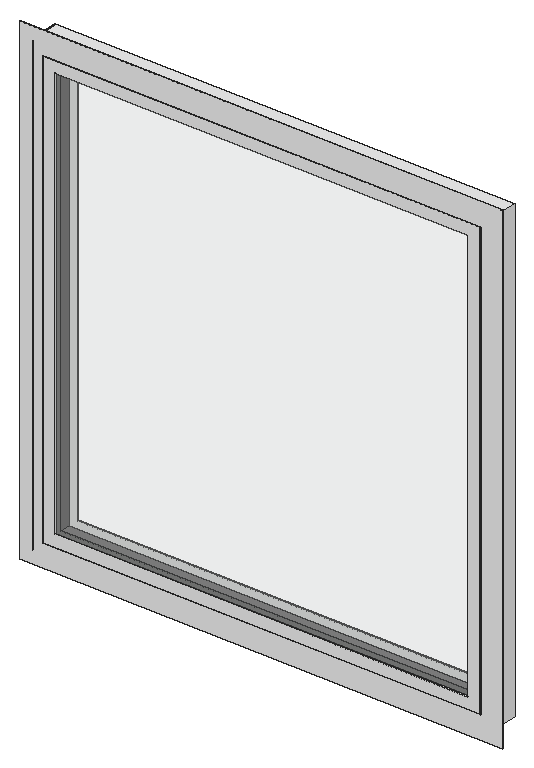
Revit family "Casement_38_F_Side_Hung_Standard", category Windows, host Wall, Revit 2014
Parameters (values of type "Casement_Sash_DG")
  Width Sash [instance] = 30 mm
  Width Sash Inner = 15 mm
  Width Bead = 15 mm
  Top Hung [instance] = yes
  Side Hung Right [instance] = yes
  Side Hung Left [instance] = yes
  Sash Opening Width [instance] = 600 mm
  Sash Opening Height [instance] = 600.312 mm
  Sash Lip = 15 mm
  Glazing Material [instance] = Glass
  DG Start Piece 2 [instance] = DG End Piece 1 + DG Gasket Thickness  # 25 mm
  DG Start Peice 1 [instance] = (Depth Sash - (2 * DG Glazing Thickness) - DG Gasket Thickness) / 2  # 6.6 mm
  Glazing Offset = 5 mm
  DG Glazing Thickness [instance] = 6.4 mm
  DG Gasket Thickness = 12 mm  # constant formula
  DG Gasket Material [instance] = Double Glazing Gasket Material
  DG End Piece 2 [instance] = DG Start Piece 2 + DG Glazing Thickness  # 31.4 mm
  DG End Piece 1 [instance] = DG Start Peice 1 + DG Glazing Thickness  # 13 mm
  Depth Sash [instance] = 38 mm
  Center Vertical Sash [instance] = Sash Opening Height / 2  # 300.156 mm
  Center Horizontal Sash [instance] = Sash Opening Width / 2  # 300 mm
  Bottom Hung [instance] = yes
  Bead Offset = 15 mm
  Aluminium Thickness = 1 mm
  Aluminium Material [instance] = White Powder Coated Aluminium
Reference planes
  plane 1 "Center (Front/Back)": y = 0
  plane 2: z = 0
  plane 3 "Center (Left/Right)": x = 0
Forms (mm)
  Sweep 1, solid, material "White Powder Coated Aluminium" <- "Aluminium Material"
    path origin (16.177, 0, 121.331) x (1, 0, 0) y (0, 0, 1)
      loop
        line (0, 0) -> (600, 0) -> (600, 600.312) -> (0, 600.312) -> (0, 0)
    profile origin (316.177, 0, 121.331) x (0, 0, 1) y (0, -1, 0)
      loop
        line (0, 0) -> (30, 0) -> (30, 1) -> (15, 1) -> (15, 38) -> (-15, 38) -> (-15, 37) -> (0, 37) -> (0, 0)
      loop
        line (14, 1) -> (14, 37) -> (1, 37) -> (1, 1) -> (14, 1)
  Sweep 2, solid, material "White Powder Coated Aluminium" <- "Aluminium Material"
    path origin (0, 0, 0) x (1, 0, 0) y (0, 0, 1)
      loop
        line (31.177, 706.643) -> (31.177, 136.331) -> (601.177, 136.331) -> (601.177, 706.643) -> (31.177, 706.643)
    profile origin (316.177, 0, 706.643) x (0, 0, 1) y (0, -1, 0)
      loop
        line (0, 37) -> (0, 38) -> (-15, 38) -> (-15, 37) -> (0, 37)
  Extrusion 3, solid, material "Glass" <- "Glazing Material"
    sketch origin (0, 0, 0) x (1, 0, 0) y (0, 0, 1)
      loop
        line (36.177, 701.643) -> (36.177, 141.331) -> (596.177, 141.331) -> (596.177, 701.643) -> (36.177, 701.643)
    from 6.6 <- "DG Start Peice 1" to 13 <- "DG End Piece 1"
  Extrusion 4, solid, material "Glass" <- "Glazing Material"
    sketch origin (0, 0, 0) x (1, 0, 0) y (0, 0, 1)
      loop
        line (36.177, 701.643) -> (36.177, 141.331) -> (596.177, 141.331) -> (596.177, 701.643) -> (36.177, 701.643)
    from 31.4 <- "DG End Piece 2" to 25 <- "DG Start Piece 2"
  Sweep 5, solid, material "Double Glazing Gasket Material" <- "DG Gasket Material"
    path origin (0, -13, 0) x (1, 0, 0) y (0, 0, 1)
      loop
        line (36.177, 701.643) -> (36.177, 141.331) -> (596.177, 141.331) -> (596.177, 701.643) -> (36.177, 701.643)
    profile origin (316.177, -13, 701.643) x (0, 0, 1) y (0, -1, 0)
      loop
        line (0, 0) -> (0, 12) -> (-7.96, 12) -> (-7.96, 0) -> (0, 0)
Lines and regions (mm)
  model lines
    curve 1: line (1.177, -38, 736.643) -> (31.177, -38, 706.643)
    curve 2: line (601.177, -38, 706.643) -> (631.177, -38, 736.643)
    curve 3: line (601.177, -38, 136.331) -> (631.177, -38, 106.331)
    curve 4: line (1.177, -38, 106.331) -> (31.177, -38, 136.331)
    curve 5: line (631.177, -37, 736.643) -> (616.177, -37, 721.643)
    curve 6: line (1.177, -37, 736.643) -> (16.177, -37, 721.643)
    curve 7: line (1.177, -37, 106.331) -> (16.177, -37, 121.331)
    curve 8: line (631.177, -37, 106.331) -> (616.177, -37, 121.331)
    curve 9: line (616.177, 0, 121.331) -> (586.177, 0, 151.331)
    curve 10: line (46.177, 0, 151.331) -> (16.177, 0, 121.331)
    curve 11: line (616.177, 0, 721.643) -> (586.177, 0, 691.643)
    curve 12: line (46.177, 0, 691.643) -> (16.177, 0, 721.643)
    curve 13: line (31.177, -38, 691.643) -> (46.177, -38, 691.643)
    curve 14: line (586.177, -38, 691.643) -> (601.177, -38, 691.643)
    curve 15: line (586.177, -38, 151.331) -> (601.177, -38, 151.331)
    curve 16: line (31.177, -38, 151.331) -> (46.177, -38, 151.331)
  model lines, style "GenericModelHiddenLines", visible <- "Top Hung"
    curve 17: line (46.386, -31.4, 690.914) -> (316.177, -31.4, 151.331)
    curve 18: line (316.177, -31.4, 151.331) -> (586.177, -31.4, 691.331)
  model lines, style "GenericModelHiddenLines", visible <- "Bottom Hung"
    curve 19: line (46.177, -31.4, 151.331) -> (316.177, -31.4, 691.331)
    curve 20: line (316.177, -31.4, 691.331) -> (586.177, -31.4, 151.331)
  model lines, style "GenericModelHiddenLines", visible <- "Side Hung Left"
    curve 21: line (46.386, -31.4, 690.914) -> (585.24, -31.4, 421.487)
    curve 22: line (585.24, -31.4, 421.487) -> (46.177, -31.4, 151.331)
  model lines, style "GenericModelHiddenLines", visible <- "Side Hung Right"
    curve 23: line (586.177, -31.4, 691.331) -> (46.177, -31.4, 421.487)
    curve 24: line (46.177, -31.4, 421.487) -> (586.177, -31.4, 151.331)
Dimensions and locks
  "Aluminium Thickness": Sweep 1 sketch curve to Sweep 1 sketch curve  (x4)
  "Depth Sash": Sweep 1 sketch curve to Sweep 1 sketch curve
  "Sash Opening Width": Sweep 1 to Sweep 1
  "Sash Opening Height": Sweep 1 to Sweep 1
  "Width Sash": Sweep 1 sketch curve to Sweep 1 sketch curve  (x2)
  "Width Sash Inner": Sweep 1 sketch curve to Sweep 1 sketch curve
  "Sash Lip": Sweep 1 sketch curve to Sweep 1 sketch curve
  "Aluminium Thickness": Sweep 1 to Sweep 2 sketch curve
  "Glazing Offset": Sweep 2 to Extrusion 3 sketch curve  (x3)
  "Glazing Offset": Extrusion 3 sketch curve to Sweep 2
  Sweep 1 to Sweep 1 = 1 mm
  "Aluminium Thickness": Sweep 2 sketch curve to Sweep 2 sketch curve
  "Width Bead": Sweep 2 sketch curve to Sweep 2 sketch curve
  locked: Sweep 5 sketch curve to Sweep 5 sketch curve at 7.96
  "Center Horizontal Sash": Sweep 1 to curve 18
  "Center Horizontal Sash": Sweep 1 to curve 20
  "Center Vertical Sash": Sweep 1 to curve 22
  "Center Vertical Sash": Sweep 1 to curve 24
  aligned and locked: level to plane 2
  aligned and locked: Sweep 1 sketch curve to Sweep 1 sketch curve  (x2)
  aligned and locked: Sweep 2 sketch curve to Sweep 1  (x5)
  aligned and locked: Extrusion 4 sketch curve to Extrusion 3  (x4)
  aligned and locked: Sweep 5 sketch curve to Extrusion 3  (x5)
  aligned and locked: Extrusion 3 to Sweep 5 sketch curve
Automatic sketch dimensions
  plane 3 "Center (Left/Right)" to Sweep 1 sketch curve = 16.177 mm
  level to Sweep 1 sketch curve = 121.331 mm
  plane 3 "Center (Left/Right)" to Sweep 1 sketch curve = 616.177 mm
  level to Sweep 1 sketch curve = 721.643 mm
  profile plane to Sweep 5 sketch curve = 12 mm
  curve 7 to Sweep 1 = 0 mm  (x4)
  curve 6 to Sweep 1 = 0 mm  (x3)
  Sweep 1 to curve 6 = 0 mm
  curve 5 to Sweep 1 = 0 mm  (x3)
  curve 8 to Sweep 1 = 0 mm  (x4)
  Sweep 1 to curve 5 = 0 mm
  curve 16 to Sweep 2 = 0 mm  (x3)
  curve 13 to Sweep 2 = 0 mm  (x3)
  curve 15 to Sweep 2 = 0 mm
  Sweep 2 to curve 15 = 0 mm  (x2)
  curve 14 to Sweep 2 = 0 mm  (x2)
  Sweep 2 to curve 14 = 0 mm
  curve 1 to Sweep 1 = 0 mm  (x4)
  curve 4 to Sweep 1 = 0 mm  (x3)
  Sweep 1 to curve 4 = 0 mm
  curve 3 to Sweep 1 = 0 mm  (x3)
  curve 2 to Sweep 1 = 0 mm  (x4)
  Sweep 1 to curve 3 = 0 mm
  curve 10 to Sweep 1 = 0 mm  (x4)
  curve 12 to Sweep 1 = 0 mm  (x3)
  Sweep 1 to curve 12 = 0 mm
  curve 9 to Sweep 1 = 0 mm  (x4)
  curve 11 to Sweep 1 = 0 mm  (x3)
  Sweep 1 to curve 11 = 0 mm
  Sweep 1 sketch curve to plane 1 "Center (Front/Back)" = 0 mm
  profile plane to Sweep 1 sketch curve = 0 mm
  curve 21 to Extrusion 4 = 10.208 mm
  curve 19 to Extrusion 4 = 10 mm
  curve 23 to Extrusion 4 = 10 mm  (x2)
  curve 22 to Extrusion 4 = 10.937 mm
  curve 20 to Extrusion 4 = 10 mm
  curve 24 to Extrusion 4 = 10 mm
  curve 22 to Extrusion 4 = 10 mm
  curve 18 to Extrusion 4 = 10 mm
  curve 21 to Extrusion 4 = 10.729 mm
  curve 19 to Extrusion 4 = 10.312 mm
  curve 18 to Extrusion 4 = 10.312 mm
Types in the file's own list only (12): name | Windload Design | Width Sash Right Opening | Width Sash Left Opening | Width Sash Right | Width Sash Left | Width Profile | Width Fixed Panel Right | Width Fixed Panel Left | Width Fixed Panel Center | Width | URL | Intruderprufe U Value | Intruderprufe SHGC Value | Intruderprufe LowE U Value | Intruderprufe LowE SHGC Value | Intruderprufe Insulated U Value | Intruderprufe Insulated SHGC Value | Intruderprufe Insulated LowE U Value | Intruderprufe Insulated LowE SHGC Value | Height | Energy Advantage U Value | Energy Advantage SHGC Value | Corrected Mullion Size | Standard Mullion Different | Offset Window Exterior | Max System DG Unit Thickness | Max System DG One Piece Thickness | Max Pane Area | Height Fixed Panel Right | Height Fixed Panel Left | DG Thickness Calc | Custom Window Width | Custom Window Height | Window Exterior Offset | Custom Windload | Custom Sash Right Width | Custom Sash Right Height | Custom Sash Left Width | Custom Sash Left Height | Side Hung Right | Sash Spacing Inner | Sash Overlap | Sash Center Offset | SG Gasket Thickness | Offset Sash Side | Offset Sash Top | Offset Mullion Right | Offset Fixed Panel Center Left | Offset Mullion Left | Offset Transom Right Top | Offset Transom Left Top | Offset Bead Center Reversed | Model | Manufacturer | Limit Window Width Min | Limit Window Width Max | Limit Window Height Min | Limit Window Height Max | Limit Sash Width Min | Limit Sash Width Max | Limit Sash Height Min | Limit Sash Height Max | Limit Fixed Pane Width Min | Limit Fixed Pane Width Max | Limit Fixed Pane Height Min | Limit Fixed Pane Height Max | Length Transom Right | Length Transom Left | Length Mullion | Height Sash Right Opening | Height Sash Right | Height Sash Left Opening | Height Sash Left | Height Fixed Panel Center | Description | Depth Mullion | Frame Center Offset | Depth Bead | Default Sill Height | Wall Closure | DG Gasket Finish | DG Extrusion Start | Mullion Depth Windload Based | Clearvue U Value | Clearvue SHGC Value | Clearvue Insulated U Value | Clearvue Insulated SHGC Value | Clearvue Insulated LowE U Value | Clearvue Insulated LowE SHGC Value | Casement Dimension | Bead SG Gap | Area Pane Right Top | Area Pane Right Bottom | Area Pane Middle | Area Pane Left Top | Area Pane Left Bottom
  38-1815SS-1000Pa | 1000 mm | 554 mm | 554 mm | 524 mm | 524 mm | 30 mm | 540 mm | 540 mm | 590 mm | 1790 mm | "http://www.crealco.co.za/crealco-products.php" | 6.53 | 0.669 | 4.81 | 0.574 | 4.1 | 0.554 | 3.54 | 0.505 | 1490 mm | 4.94 | 0.615 | 0 mm | 0 mm | 19 mm | 25 mm | 6 mm | 0.82 m² | 260 mm | 260 mm | 4 mm | 1790 mm | 1490 mm | 0 mm | 1000 mm | 554 mm | 1154 mm | 554 mm | 1154 mm | No | 8 mm | 7 mm | 16 mm | 6 mm | 23 mm | 23 mm | 570 mm | 600 mm | 570 mm | 1170 mm | 1170 mm | 19 mm | "Casement 38" | "Crealco" | 1400 mm | 2700 mm | 1430 mm | 1860 mm | 300 mm | 700 mm | 300 mm | 1500 mm | 200 mm | 1500 mm | 200 mm | 1800 mm | 540 mm | 540 mm | 1490 mm | 1154 mm | 1124 mm | 1154 mm | 1124 mm | 1430 mm | "Window 38mm, Type F side hung" | 39 mm | 19 mm | 24 mm | 800 mm | By host | Double Glazing Gasket Material | 9 mm | 39 mm | 6.66 | 0.686 | 4.19 | 0.6 | 3.62 | 0.546 | 38 mm | 13 mm | 0.52 m² | 0.13 m² | 0.82 m² | 0.52 m² | 0.13 m²
  38-1815SS-1500Pa | 1500 mm | 554 mm | 554 mm | 524 mm | 524 mm | 30 mm | 540 mm | 540 mm | 590 mm | 1790 mm | "http://www.crealco.co.za/crealco-products.php" | 6.56 | 0.652 | 4.9 | 0.579 | 4.17 | 0.558 | 3.61 | 0.508 | 1490 mm | 5.02 | 0.613 | 0 mm | 0 mm | 19 mm | 25 mm | 6 mm | 0.82 m² | 260 mm | 260 mm | 4 mm | 1790 mm | 1490 mm | 0 mm | 1500 mm | 554 mm | 1154 mm | 554 mm | 1154 mm | No | 8 mm | 7 mm | 16 mm | 6 mm | 23 mm | 23 mm | 570 mm | 600 mm | 570 mm | 1170 mm | 1170 mm | 19 mm | "Casement 38" | "Crealco" | 1400 mm | 2700 mm | 1430 mm | 1860 mm | 300 mm | 700 mm | 300 mm | 1500 mm | 200 mm | 1500 mm | 200 mm | 1800 mm | 540 mm | 540 mm | 1490 mm | 1154 mm | 1124 mm | 1154 mm | 1124 mm | 1430 mm | "Window 38mm, Type F side hung" | 54 mm | 19 mm | 24 mm | 800 mm | By host | Double Glazing Gasket Material | 9 mm | 54 mm | 6.66 | 0.685 | 4.27 | 0.601 | 3.69 | 0.547 | 38 mm | 13 mm | 0.52 m² | 0.13 m² | 0.82 m² | 0.52 m² | 0.13 m²
  38-1815SS-2000Pa | 2000 mm | 554 mm | 554 mm | 524 mm | 524 mm | 30 mm | 540 mm | 540 mm | 590 mm | 1790 mm | "http://www.crealco.co.za/crealco-products.php" | 6.56 | 0.652 | 4.9 | 0.579 | 4.17 | 0.558 | 3.61 | 0.508 | 1490 mm | 5.02 | 0.613 | 0 mm | 0 mm | 19 mm | 25 mm | 6 mm | 0.82 m² | 260 mm | 260 mm | 4 mm | 1790 mm | 1490 mm | 0 mm | 2000 mm | 554 mm | 1154 mm | 554 mm | 1154 mm | No | 8 mm | 7 mm | 16 mm | 6 mm | 23 mm | 23 mm | 570 mm | 600 mm | 570 mm | 1170 mm | 1170 mm | 19 mm | "Casement 38" | "Crealco" | 1400 mm | 2700 mm | 1430 mm | 1860 mm | 300 mm | 700 mm | 300 mm | 1500 mm | 200 mm | 1500 mm | 200 mm | 1800 mm | 540 mm | 540 mm | 1490 mm | 1154 mm | 1124 mm | 1154 mm | 1124 mm | 1430 mm | "Window 38mm, Type F side hung" | 54 mm | 19 mm | 24 mm | 800 mm | By host | Double Glazing Gasket Material | 9 mm | 54 mm | 6.66 | 0.685 | 4.27 | 0.601 | 3.69 | 0.547 | 38 mm | 13 mm | 0.52 m² | 0.13 m² | 0.82 m² | 0.52 m² | 0.13 m²
  38-2415SS-1000Pa | 1000 mm | 554 mm | 554 mm | 524 mm | 524 mm | 30 mm | 540 mm | 540 mm | 1190 mm | 2390 mm | "http://www.crealco.co.za/crealco-products.php" | 6.71 | 0.717 | 4.88 | 0.633 | 4.06 | 0.615 | 3.43 | 0.558 | 1490 mm | 7.9 | 0 | 0 mm | 0 mm | 19 mm | 25 mm | 6 mm | 1.68 m² | 260 mm | 260 mm | 4 mm | 2390 mm | 1490 mm | 0 mm | 1000 mm | 554 mm | 1154 mm | 554 mm | 1154 mm | No | 8 mm | 7 mm | 16 mm | 6 mm | 23 mm | 23 mm | 570 mm | 600 mm | 570 mm | 1170 mm | 1170 mm | 19 mm | "Casement 38" | "Crealco" | 1400 mm | 2700 mm | 1430 mm | 1860 mm | 300 mm | 700 mm | 300 mm | 1500 mm | 200 mm | 1500 mm | 200 mm | 1800 mm | 540 mm | 540 mm | 1490 mm | 1154 mm | 1124 mm | 1154 mm | 1124 mm | 1430 mm | "Window 38mm, Type F side hung" | 54 mm | 19 mm | 24 mm | 800 mm | By host | Double Glazing Gasket Material | 9 mm | 54 mm | 7.9 | 0 | 4.16 | 0.663 | 3.5 | 0.603 | 38 mm | 13 mm | 0.52 m² | 0.13 m² | 1.68 m² | 0.52 m² | 0.13 m²
  38-2415SS-1500Pa | 1500 mm | 554 mm | 554 mm | 524 mm | 524 mm | 30 mm | 540 mm | 540 mm | 1190 mm | 2390 mm | "http://www.crealco.co.za/crealco-products.php" | 6.71 | 0.717 | 4.88 | 0.633 | 4.06 | 0.615 | 3.43 | 0.558 | 1490 mm | 7.9 | 0 | 0 mm | 0 mm | 19 mm | 25 mm | 6 mm | 1.68 m² | 260 mm | 260 mm | 4 mm | 2390 mm | 1490 mm | 0 mm | 1500 mm | 554 mm | 1154 mm | 554 mm | 1154 mm | No | 8 mm | 7 mm | 16 mm | 6 mm | 23 mm | 23 mm | 570 mm | 600 mm | 570 mm | 1170 mm | 1170 mm | 19 mm | "Casement 38" | "Crealco" | 1400 mm | 2700 mm | 1430 mm | 1860 mm | 300 mm | 700 mm | 300 mm | 1500 mm | 200 mm | 1500 mm | 200 mm | 1800 mm | 540 mm | 540 mm | 1490 mm | 1154 mm | 1124 mm | 1154 mm | 1124 mm | 1430 mm | "Window 38mm, Type F side hung" | 54 mm | 19 mm | 24 mm | 800 mm | By host | Double Glazing Gasket Material | 9 mm | 54 mm | 7.9 | 0 | 4.16 | 0.663 | 3.5 | 0.603 | 38 mm | 13 mm | 0.52 m² | 0.13 m² | 1.68 m² | 0.52 m² | 0.13 m²
  38-2415SS-2000Pa | 2000 mm | 554 mm | 554 mm | 524 mm | 524 mm | 30 mm | 540 mm | 540 mm | 1190 mm | 2390 mm | "http://www.crealco.co.za/crealco-products.php" | 6.73 | 0.704 | 5 | 0.634 | 4.15 | 0.615 | 3.52 | 0.559 | 1490 mm | 7.9 | 0 | 0 mm | 0 mm | 19 mm | 25 mm | 6 mm | 1.68 m² | 260 mm | 260 mm | 4 mm | 2390 mm | 1490 mm | 0 mm | 2000 mm | 554 mm | 1154 mm | 554 mm | 1154 mm | No | 8 mm | 7 mm | 16 mm | 6 mm | 23 mm | 23 mm | 570 mm | 600 mm | 570 mm | 1170 mm | 1170 mm | 19 mm | "Casement 38" | "Crealco" | 1400 mm | 2700 mm | 1430 mm | 1860 mm | 300 mm | 700 mm | 300 mm | 1500 mm | 200 mm | 1500 mm | 200 mm | 1800 mm | 540 mm | 540 mm | 1490 mm | 1154 mm | 1124 mm | 1154 mm | 1124 mm | 1430 mm | "Window 38mm, Type F side hung" | 70 mm | 19 mm | 24 mm | 800 mm | By host | Double Glazing Gasket Material | 9 mm | 70 mm | 7.9 | 0 | 4.25 | 0.665 | 3.6 | 0.605 | 38 mm | 13 mm | 0.52 m² | 0.13 m² | 1.68 m² | 0.52 m² | 0.13 m²
  38-1818SS-1000Pa | 1000 mm | 554 mm | 554 mm | 524 mm | 524 mm | 30 mm | 540 mm | 540 mm | 590 mm | 1790 mm | "http://www.crealco.co.za/crealco-products.php" | 6.86 | 0.7 | 5.08 | 0.619 | 4.29 | 0.6 | 3.68 | 0.545 | 1790 mm | 5.21 | 0.66 | 0 mm | 0 mm | 19 mm | 25 mm | 6 mm | 1.00 m² | 560 mm | 560 mm | 4 mm | 1790 mm | 1790 mm | 0 mm | 1000 mm | 554 mm | 1154 mm | 554 mm | 1154 mm | No | 8 mm | 7 mm | 16 mm | 6 mm | 23 mm | 23 mm | 570 mm | 600 mm | 570 mm | 1170 mm | 1170 mm | 19 mm | "Casement 38" | "Crealco" | 1400 mm | 2700 mm | 1430 mm | 1860 mm | 300 mm | 700 mm | 300 mm | 1500 mm | 200 mm | 1500 mm | 200 mm | 1800 mm | 540 mm | 540 mm | 1790 mm | 1154 mm | 1124 mm | 1154 mm | 1124 mm | 1730 mm | "Window 38mm, Type F side hung" | 54 mm | 19 mm | 24 mm | 800 mm | By host | Double Glazing Gasket Material | 9 mm | 54 mm | 6.697 | 0.737 | 4.39 | 0.647 | 3.76 | 0.589 | 38 mm | 13 mm | 0.52 m² | 0.29 m² | 1.00 m² | 0.52 m² | 0.29 m²
  38-1818SS-1500Pa | 1500 mm | 554 mm | 554 mm | 524 mm | 524 mm | 30 mm | 540 mm | 540 mm | 590 mm | 1790 mm | "http://www.crealco.co.za/crealco-products.php" | 6.88 | 0.684 | 5.24 | 0.62 | 4.4 | 0.6 | 3.8 | 0.546 | 1790 mm | 5.36 | 0.662 | 0 mm | 0 mm | 19 mm | 25 mm | 6 mm | 1.00 m² | 560 mm | 560 mm | 4 mm | 1790 mm | 1790 mm | 0 mm | 1500 mm | 554 mm | 1154 mm | 554 mm | 1154 mm | No | 8 mm | 7 mm | 16 mm | 6 mm | 23 mm | 23 mm | 570 mm | 600 mm | 570 mm | 1170 mm | 1170 mm | 19 mm | "Casement 38" | "Crealco" | 1400 mm | 2700 mm | 1430 mm | 1860 mm | 300 mm | 700 mm | 300 mm | 1500 mm | 200 mm | 1500 mm | 200 mm | 1800 mm | 540 mm | 540 mm | 1790 mm | 1154 mm | 1124 mm | 1154 mm | 1124 mm | 1730 mm | "Window 38mm, Type F side hung" | 70 mm | 19 mm | 24 mm | 800 mm | By host | Double Glazing Gasket Material | 9 mm | 70 mm | 6.87 | 0.736 | 4.51 | 0.649 | 3.89 | 0.591 | 38 mm | 13 mm | 0.52 m² | 0.29 m² | 1.00 m² | 0.52 m² | 0.29 m²
  38-1818SS-2000Pa | 2000 mm | 554 mm | 554 mm | 524 mm | 524 mm | 30 mm | 540 mm | 540 mm | 590 mm | 1790 mm | "http://www.crealco.co.za/crealco-products.php" | 6.88 | 0.684 | 5.24 | 0.62 | 4.4 | 0.6 | 3.8 | 0.546 | 1790 mm | 5.36 | 0.662 | 0 mm | 0 mm | 19 mm | 25 mm | 6 mm | 1.00 m² | 560 mm | 560 mm | 4 mm | 1790 mm | 1790 mm | 0 mm | 2000 mm | 554 mm | 1154 mm | 554 mm | 1154 mm | No | 8 mm | 7 mm | 16 mm | 6 mm | 23 mm | 23 mm | 570 mm | 600 mm | 570 mm | 1170 mm | 1170 mm | 19 mm | "Casement 38" | "Crealco" | 1400 mm | 2700 mm | 1430 mm | 1860 mm | 300 mm | 700 mm | 300 mm | 1500 mm | 200 mm | 1500 mm | 200 mm | 1800 mm | 540 mm | 540 mm | 1790 mm | 1154 mm | 1124 mm | 1154 mm | 1124 mm | 1730 mm | "Window 38mm, Type F side hung" | 70 mm | 19 mm | 24 mm | 800 mm | By host | Double Glazing Gasket Material | 9 mm | 70 mm | 6.87 | 0.736 | 4.51 | 0.649 | 3.89 | 0.591 | 38 mm | 13 mm | 0.52 m² | 0.29 m² | 1.00 m² | 0.52 m² | 0.29 m²
  38-2418SS-1000Pa | 1000 mm | 554 mm | 554 mm | 524 mm | 524 mm | 30 mm | 540 mm | 540 mm | 1190 mm | 2390 mm | "http://www.crealco.co.za/crealco-products.php" | 7.25 | 0.777 | 5.33 | 0.698 | 4.39 | 0.679 | 3.7 | 0.615 | 1790 mm | 7.9 | 0 | 0 mm | 0 mm | 19 mm | 25 mm | 6 mm | 2.03 m² | 560 mm | 560 mm | 4 mm | 2390 mm | 1790 mm | 0 mm | 1000 mm | 554 mm | 1154 mm | 554 mm | 1154 mm | No | 8 mm | 7 mm | 16 mm | 6 mm | 23 mm | 23 mm | 570 mm | 600 mm | 570 mm | 1170 mm | 1170 mm | 19 mm | "Casement 38" | "Crealco" | 1400 mm | 2700 mm | 1430 mm | 1860 mm | 300 mm | 700 mm | 300 mm | 1500 mm | 200 mm | 1500 mm | 200 mm | 1800 mm | 540 mm | 540 mm | 1790 mm | 1154 mm | 1124 mm | 1154 mm | 1124 mm | 1730 mm | "Window 38mm, Type F side hung" | 70 mm | 19 mm | 24 mm | 800 mm | By host | Double Glazing Gasket Material | 9 mm | 70 mm | 7.9 | 0 | 4.5 | 0.733 | 3.77 | 0.667 | 38 mm | 13 mm | 0.52 m² | 0.29 m² | 2.03 m² | 0.52 m² | 0.29 m²
  38-2418SS-1500Pa | 1500 mm | 554 mm | 554 mm | 524 mm | 524 mm | 30 mm | 540 mm | 540 mm | 1190 mm | 2390 mm | "http://www.crealco.co.za/crealco-products.php" | 7.25 | 0.777 | 5.33 | 0.698 | 4.39 | 0.679 | 3.7 | 0.615 | 1790 mm | 7.9 | 0 | 0 mm | 0 mm | 19 mm | 25 mm | 6 mm | 2.03 m² | 560 mm | 560 mm | 4 mm | 2390 mm | 1790 mm | 0 mm | 1500 mm | 554 mm | 1154 mm | 554 mm | 1154 mm | No | 8 mm | 7 mm | 16 mm | 6 mm | 23 mm | 23 mm | 570 mm | 600 mm | 570 mm | 1170 mm | 1170 mm | 19 mm | "Casement 38" | "Crealco" | 1400 mm | 2700 mm | 1430 mm | 1860 mm | 300 mm | 700 mm | 300 mm | 1500 mm | 200 mm | 1500 mm | 200 mm | 1800 mm | 540 mm | 540 mm | 1790 mm | 1154 mm | 1124 mm | 1154 mm | 1124 mm | 1730 mm | "Window 38mm, Type F side hung" | 70 mm | 19 mm | 24 mm | 800 mm | By host | Double Glazing Gasket Material | 9 mm | 70 mm | 7.9 | 0 | 4.5 | 0.733 | 3.77 | 0.667 | 38 mm | 13 mm | 0.52 m² | 0.29 m² | 2.03 m² | 0.52 m² | 0.29 m²
  38-2418SS-2000Pa | 2000 mm | 554 mm | 554 mm | 524 mm | 524 mm | 30 mm | 540 mm | 540 mm | 1190 mm | 2390 mm | "http://www.crealco.co.za/crealco-products.php" | 7.25 | 0.777 | 5.33 | 0.698 | 4.39 | 0.679 | 3.7 | 0.615 | 1790 mm | 7.9 | 0 | 0 mm | 0 mm | 19 mm | 25 mm | 6 mm | 2.03 m² | 560 mm | 560 mm | 4 mm | 2390 mm | 1790 mm | 0 mm | 2000 mm | 554 mm | 1154 mm | 554 mm | 1154 mm | No | 8 mm | 7 mm | 16 mm | 6 mm | 23 mm | 23 mm | 570 mm | 600 mm | 570 mm | 1170 mm | 1170 mm | 19 mm | "Casement 38" | "Crealco" | 1400 mm | 2700 mm | 1430 mm | 1860 mm | 300 mm | 700 mm | 300 mm | 1500 mm | 200 mm | 1500 mm | 200 mm | 1800 mm | 540 mm | 540 mm | 1790 mm | 1154 mm | 1124 mm | 1154 mm | 1124 mm | 1730 mm | "Window 38mm, Type F side hung" | 76 mm | 19 mm | 24 mm | 800 mm | By host | Double Glazing Gasket Material | 9 mm | 76 mm | 7.9 | 0 | 4.5 | 0.733 | 3.77 | 0.667 | 38 mm | 13 mm | 0.52 m² | 0.29 m² | 2.03 m² | 0.52 m² | 0.29 m²
